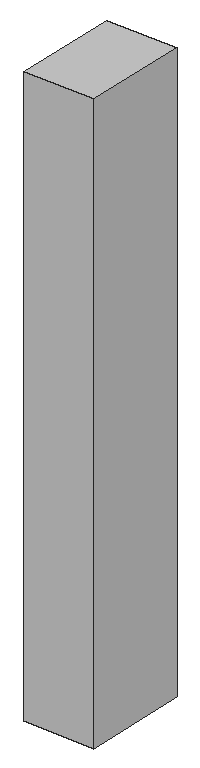
Revit family "矩形柱", category 结构柱, Revit 2016
Family settings
  显示在隐藏视图中 = 被其他构件隐藏的边缘
  横断面形状 = 未定义
  用于模型行为的材质 = 混凝土
  始终导出为几何图形 = 否
  平面中的梁缩进 = 从边界框
  基于工作平面 = 否
  加载时剪切的空心 = 否
  符号表示法 = 从族
  共享 = 否
  在平面视图中显示族的预剪切 = 是
Parameters (values of type "300 x 450mm")
  b = 300 mm
  h = 450 mm
  Structural Material [instance] = 混凝土，现场浇注灰色
Types (3, lengths in mm): name | b | h
  300 x 450mm | 300 | 450
  450 x 600mm | 450 | 600
  600 x 750mm | 600 | 750
Reference planes
  plane 1 "中心(前/后)": y = 0
  plane 2: z = 0
  plane 3 "中心(左/右)": x = 0
  plane 4: x = -150
  plane 5: x = 150
  plane 6: y = 225
  plane 7: y = -225
Forms (mm)
  Extrusion 1, solid, material "混凝土，现场浇注灰色" <- "Structural Material"
    sketch origin (0, 0, 0) x (1, 0, 0) y (0, 1, 0)
      loop
        line (-150, 225) -> (-150, -225) -> (150, -225) -> (150, 225) -> (-150, 225)
    from 0 to 2500
Dimensions and locks
  equal spacing: plane 4, plane 3 "中心(左/右)", plane 5
  equal spacing: plane 7, plane 1 "中心(前/后)", plane 6
  "h": plane 7 to plane 6
  "b": plane 4 to plane 5
  aligned and locked: plane 6 to Extrusion 1 sketch curve
  aligned and locked: Extrusion 1 sketch curve to plane 7
  aligned and locked: Extrusion 1 sketch curve to plane 4
  aligned and locked: plane 5 to Extrusion 1 sketch curve
  aligned and locked: level to Extrusion 1
  aligned and locked: level to plane 2
  aligned and locked: Extrusion 1 to plane 2
